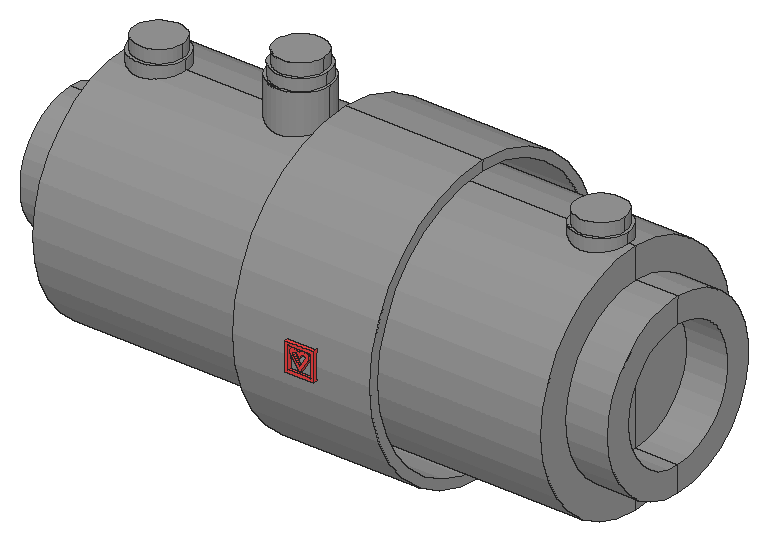
Revit family "Клапан предотвращения обратного потока 0307, наружная резьба х внутренняя резьба", category Rohrzubehör, Revit 2019
Family settings
  Bemaßung runder Anschluss = Durchmesser verwenden
  Teiletyp = Unterbricht
  OmniClass-Nummer = 23.65.55.14
  OmniClass-Titel = Valves for Liquid Services
  Arbeitsebenenbasiert = Nein
  Immer vertikal = Ja
  Beim Laden mit Abzugskörper schneiden = Nein
  Gemeinsam genutzt = Nein
Parameters (values of type "наружная резьба х внутренняя резьба DN40-DN40")
  Среда = "вода (не пар)"  # constant formula
  Примечание = "В соответствии со статьей 33 Регламента REACH (Registration; Evaluation; Authorisation; Restriction of Chemicals) (EC № 1907/2006) мы обязаны указать, что свинец внесен в список SVHC (Substances of Very High Concern - вещества очень высокой важности) и весовой процент свинца во всех латунных компонентах заводского изготовления в наших изделиях, превышает 0,1 % (w/w) (CAS: 7439-92-1 / EINECS: 231-100-4).\r\nПоскольку свинец является легирующим компонентом сплава, прямое негативное влияние исключается, и поэтому дополнительной информации о безопасном использовании не требуется."
  Область применения = "Клапан предотвращения обратного потока является экономически выгодным решением по дооснащению гидрантов арматурой, в соответствии с предписаниями DIN EN 1717, предотвращающей подсасывание непитьевой воды обратно в трубопровод питьевого водоснабжения.\r\nКлапан предотвращения обратного потока предназначается для установки в горизонтальном положении.\r\nДопускается также его вертикальное положение, но обязательно по направлению движения потока сверху вниз.\r\nКлапан не предусмотрен для установки на стояковых нагнетательных трубопроводах."
  Макс. рабочее давление = 1000000.0 Pa  # constant formula
  Макс. рабочая температура = 65 °C  # constant formula
  Корпус = "нержавеющая сталь"  # constant formula
  Исполнение = "Клапан предотвращения обратного потока ВА разработан согласно требованиям нормы DIN EN 1717.\r\nСогласно этой нормы качество воды, в зависимости от степени загрязнения, разделяется на 5 категорий.\r\nКлапан предотвращения обратного потока типа ВА обеспечивает защиту от непитьевой воды до 4 категории, - это самый высокий класс защиты, который может обеспечить арматура.\r\nБолее низкий уровень защиты, чем тот, что обеспечивается клапаном предотвращения обратного потока, не является стандартом и в случае аварии ответственность несёт потребитель такого гидранта.\r\nФункциональный узел представляет собой картридж с золотником больших размеров и защищающего от гидравлического удара спускного клапана.\r\nРезьбы соединения между собой взаимозаменяемы, при этом возможны 16 вариантов подключения (входная и выходная стороны могут быть с внутренней или наружной резьбой  1 1/2\" , как альтернатива,  с внутренней или наружной резьбой 2\")."
  URL = "www.herz-armaturen.ru"
  SCTWSEQ = "AW;SBT_TYP_AW=\"104\";2"
  SCTWCODE = "04;12;02"  # constant formula
  S03 = 15.000 mm  # constant formula
  S02 = 45.000 mm  # constant formula
  S01 = 98.000 mm  # constant formula
  Nennweite Ein [instance] = if(AG_IG_DN40_DN40, 40.000 mm, if(AG_IG_DN40_DN50, 40.000 mm, if(AG_IG_DN50_DN40, 50.000 mm, if(AG_IG_DN50_DN50, 50.000 mm, 0.000 mm))))  # 40.000 mm
  Nennweite Aus [instance] = if(AG_IG_DN40_DN40, 40.000 mm, if(AG_IG_DN40_DN50, 50.000 mm, if(AG_IG_DN50_DN40, 40.000 mm, if(AG_IG_DN50_DN50, 50.000 mm, 0.000 mm))))  # 40.000 mm
  Макс. допустимая рабочая температура (кратковременно) = 80 °C  # constant formula
  L07 = 24.500 mm  # constant formula
  L06 = 73.000 mm  # constant formula
  L05 = 28.000 mm  # constant formula
  L04 = 13.500 mm  # constant formula
  L03 = 87.500 mm  # constant formula
  L02 = 18.000 mm  # constant formula
  L01 = 193.000 mm  # constant formula
  Hersteller = "HERZ Armaturen Ges.m.b.H."  # constant formula
  Положение при монтаже = "горизонтально или вертикально, с направлением потока сверху вниз"  # constant formula
  D03 [instance] = if(AG_IG_DN40_DN40, 28.000 mm, if(AG_IG_DN40_DN50, 33.000 mm, if(AG_IG_DN50_DN40, 28.000 mm, if(AG_IG_DN50_DN50, 33.000 mm, 0.000 mm))))  # 28.000 mm
  D02 = 45.000 mm  # constant formula
  D01 = 37.500 mm  # constant formula
  Номер заказа [instance] = if(AG_IG_DN40_DN40, "I030704", if(AG_IG_DN40_DN50, "I030712", if(AG_IG_DN50_DN40, "I030716", if(AG_IG_DN50_DN50, "I030708", "0"))))  # "I030704"
  AG_IG_DN50_DN50 = no
  AG_IG_DN50_DN40 = no
  AG_IG_DN40_DN50 = no
  AG_IG_DN40_DN40 = yes
  IG Aus [instance] = Nennweite Aus / 2  # 20.000 mm
  AG Ein [instance] = Nennweite Ein / 2  # 20.000 mm
Types (5, lengths in mm): name | Nennweite Ein | Nennweite Aus | D03 | Номер заказа | AG_IG_DN50_DN50 | AG_IG_DN50_DN40 | AG_IG_DN40_DN50 | AG_IG_DN40_DN40 | IG Aus | AG Ein
  (no name) | 40.000 | 40.000 | 28.000 | "I030704" | no | no | no | yes | 20.000 | 20.000
  наружная резьба х внутренняя резьба DN40-DN50 | 40.000 | 50.000 | 33.000 | "I030712" | no | no | yes | no | 25.000 | 20.000
  наружная резьба х внутренняя резьба DN40-DN40 | 40.000 | 40.000 | 28.000 | "I030704" | no | no | no | yes | 20.000 | 20.000
  наружная резьба х внутренняя резьба DN50-DN50 | 50.000 | 50.000 | 33.000 | "I030708" | yes | no | no | no | 25.000 | 25.000
  наружная резьба х внутренняя резьба DN50-DN40 | 50.000 | 40.000 | 28.000 | "I030716" | no | yes | no | no | 20.000 | 25.000
Reference planes
  plane 1 "Mitte (Vorne/hinten)": y = 0
  plane 2: z = 0
  plane 3 "Mitte (Links/rechts)": x = 0
Forms (mm)
  Revolve 1, solid, material "Messing, weicher Gelbton, geschweißt", detail levels fine
    sketch origin (0, 0, 0) x (1, 0, 0) y (0, 0, 1)
      loop
        line (-96.5, 0) -> (83, 0) -> (83, 20) -> (96.5, 20) -> (96.5, 28) -> (83, 28) -> (83, 37.5) -> (-78.5, 37.5) -> (-78.5, 20) -> (-96.5, 20) -> (-96.5, 0)
      axis (-96.5, 0) -> (96.5, 0)
    angle from 0 to 360
  Revolve 2, solid, material "Acetalharz, Schwarz", detail levels fine
    sketch origin (0, 0, 0) x (1, 0, 0) y (0, 0, 1)
      loop
        line (-9, 0) -> (1.5, 0) -> (1.5, 42) -> (34.5, 42) -> (34.5, 45) -> (-9, 45) -> (-9, 0)
      axis (-9, 0) -> (34.5, 0)
    angle from 0 to 360
  Extrusion 3, solid, material "Messing, weicher Gelbton, geschweißt", detail levels fine
    sketch origin (0, 0, 0) x (1, 0, 0) y (0, 1, 0)
      loop
        circle (-68.5, 0) r 8.5
      loop
        circle (72, 0) r 8.5
    from 0 to 40.5
  Extrusion 4, solid, material "Acetalharz, Schwarz", detail levels fine
    sketch origin (0, 0, 0) x (1, 0, 0) y (0, 1, 0)
      loop
        circle (-68.5, 0) r 7.5
      loop
        circle (72, 0) r 7.5
    from 40.5 to 44.5
  Extrusion 5, solid, material "Messing, weicher Gelbton, geschweißt", detail levels fine
    sketch origin (0, 0, 0) x (1, 0, 0) y (0, 1, 0)
      loop
        circle (-23.5, 0) r 9.3
    from 0 to 49
  Extrusion 6, solid, material "Messing, weicher Gelbton, geschweißt", detail levels fine
    sketch origin (0, 0, 0) x (1, 0, 0) y (0, 1, 0)
      loop
        circle (-23.5, 0) r 8.5
    from 49 to 52.5
  Extrusion 7, solid, material "Acetalharz, Schwarz", visible <- "AG_IG_DN40_DN50", detail levels fine
    sketch origin (0, 0, 0) x (1, 0, 0) y (0, 1, 0)
      loop
        circle (-23.5, 0) r 7.5
    from 52.5 to 56.5
  Extrusion 8, solid, material "Acetalharz, Schwarz", visible <- "AG_IG_DN40_DN40", detail levels fine
    sketch origin (0, 0, 0) x (1, 0, 0) y (0, 1, 0)
      loop
        circle (-23.5, 0) r 7.5
    from 52.5 to 56.4
  Extrusion 9, solid, material "Acetalharz, Schwarz", visible <- "AG_IG_DN50_DN50", detail levels fine
    sketch origin (0, 0, 0) x (1, 0, 0) y (0, 1, 0)
      loop
        circle (-23.5, 0) r 7.5
    from 52.5 to 56.3
  Extrusion 10, solid, material "Acetalharz, Schwarz", visible <- "AG_IG_DN50_DN40", detail levels fine
    sketch origin (0, 0, 0) x (1, 0, 0) y (0, 1, 0)
      loop
        circle (-23.5, 0) r 7.5
    from 52.5 to 56.2
Lines and regions (mm)
  model lines, detail levels coarse+medium
    curve 1: line (-96.5, 0, 37.5) -> (96.5, 0, 37.5)
    curve 2: line (-96.5, 0, -37.5) -> (-96.5, 0, 37.5)
    curve 3: line (96.5, 0, -37.5) -> (-96.5, 0, -37.5)
    curve 4: line (96.5, 0, 37.5) -> (96.5, 0, -37.5)
    curve 5: line (-96.5, 0, -22.5) -> (-51.5, 0, -22.5)
    curve 6: line (-1.5, 0, -22.5) -> (96.5, 0, -22.5)
    curve 7: line (-96.5, 0, 22.5) -> (-51.5, 0, 22.5)
    curve 8: line (-1.5, 0, 22.5) -> (96.5, 0, 22.5)
    curve 9: line (-96.5, 37.5, 0) -> (96.5, 37.5, 0)
    curve 10: line (-96.5, -37.5, 0) -> (-96.5, 37.5, 0)
    curve 11: line (96.5, -37.5, 0) -> (-96.5, -37.5, 0)
    curve 12: line (96.5, 37.5, 0) -> (96.5, -37.5, 0)
    curve 13: line (-96.5, 22.5, 0) -> (-51.5, 22.5, 0)
    curve 14: line (-1.5, 22.5, 0) -> (96.5, 22.5, 0)
    curve 15: line (-96.5, -22.5, 0) -> (-51.5, -22.5, 0)
    curve 16: line (-1.5, -22.5, 0) -> (96.5, -22.5, 0)
Dimensions and locks
  "L04": Revolve 1 sketch curve to Revolve 1 sketch curve
  "L02": Revolve 1 sketch curve to Revolve 1 sketch curve
  "L01": Revolve 1 sketch curve to Revolve 1 sketch curve
  equal spacing: Revolve 1 sketch curve, plane 3 "Mitte (Links/rechts)", Revolve 1 sketch curve
  "AG Ein": Revolve 1 sketch curve to plane 2
  "D01": Revolve 1 sketch curve to plane 2
  "L03": Revolve 1 to Revolve 2 sketch curve
  equal spacing: curve 4, plane 3 "Mitte (Links/rechts)", curve 2
  "L01": curve 4 to curve 2
  "D01": curve 1 to plane 2 to curve 3
  "S03": curve 5 to curve 3
  "S03": curve 1 to curve 7
  "S03": curve 1 to curve 8
  "S03": curve 6 to curve 3
  "S02": curve 5 to curve 2
  "S02": curve 7 to curve 2
  "S01": curve 8 to curve 4
  "S01": curve 6 to curve 4
  equal spacing: curve 10, plane 3 "Mitte (Links/rechts)", curve 12
  "L01": curve 10 to curve 12
  "D01": curve 11 to plane 1 "Mitte (Vorne/hinten)" to curve 9
  "S03": curve 13 to curve 9
  "S03": curve 11 to curve 15
  "S03": curve 14 to curve 9
  "S03": curve 11 to curve 16
  "S01": curve 14 to curve 12
  "S01": curve 16 to curve 12
  "S02": curve 10 to curve 15
  "S02": curve 10 to curve 13
  "D02": Revolve 2 sketch curve to Revolve 2 sketch curve
  equal spacing: Revolve 2, nested 1, Revolve 2
  "D02": nested 1 to plane 1 "Mitte (Vorne/hinten)"
  "D03": Revolve 1 sketch curve to plane 2
  "IG Aus": Revolve 1 sketch curve to plane 2
  "L05": Revolve 1 to Extrusion 3 sketch curve
  "L05": Revolve 1 to Extrusion 4 sketch curve
  "L06": Revolve 1 to Extrusion 5 sketch curve
  "L06": Revolve 1 to Extrusion 6 sketch curve
  "L06": Revolve 1 to Extrusion 10 sketch curve
  "L06": Revolve 1 to Extrusion 9 sketch curve
  "L06": Revolve 1 to Extrusion 8 sketch curve
  "L06": Revolve 1 to Extrusion 7 sketch curve
  "L07": Extrusion 3 sketch curve to Revolve 1
  "L07": Extrusion 4 sketch curve to Revolve 1
  aligned and locked: level to plane 2
Automatic sketch dimensions
  Revolve 1 sketch curve to level = 0.000 mm  (x2)
  Revolve 1 sketch curve to Revolve 1 sketch curve = 0.000 mm
  Revolve 1 sketch curve to Revolve 1 sketch curve = 1408.530 mm
  Revolve 1 sketch curve to Revolve 1 sketch curve = 1741.148 mm
  Revolve 2 sketch curve to level = 0.000 mm  (x2)
  plane 3 "Mitte (Links/rechts)" to Revolve 2 sketch curve = 1.500 mm
  Revolve 2 sketch curve to Revolve 2 sketch curve = 33.000 mm
  Revolve 2 sketch curve to Revolve 2 sketch curve = 3.000 mm
  Revolve 2 sketch curve to Revolve 2 sketch curve = 1496.030 mm
  Revolve 2 sketch curve to Revolve 2 sketch curve = 1804.648 mm
  plane 1 "Mitte (Vorne/hinten)" to Extrusion 3 sketch curve = 0.000 mm  (x2)
  plane 1 "Mitte (Vorne/hinten)" to Extrusion 4 sketch curve = 0.000 mm  (x2)
  plane 1 "Mitte (Vorne/hinten)" to Extrusion 5 sketch curve = 0.000 mm
  plane 1 "Mitte (Vorne/hinten)" to Extrusion 6 sketch curve = 0.000 mm
  plane 1 "Mitte (Vorne/hinten)" to Extrusion 7 sketch curve = 0.000 mm
  plane 1 "Mitte (Vorne/hinten)" to Extrusion 8 sketch curve = 0.000 mm
  plane 1 "Mitte (Vorne/hinten)" to Extrusion 9 sketch curve = 0.000 mm
  plane 1 "Mitte (Vorne/hinten)" to Extrusion 10 sketch curve = 0.000 mm
  radius of Extrusion 3 sketch curve = 8.500 mm  (x2)
  radius of Extrusion 4 sketch curve = 7.500 mm  (x2)
  radius of Extrusion 5 sketch curve = 9.300 mm
  radius of Extrusion 6 sketch curve = 8.500 mm
  radius of Extrusion 7 sketch curve = 7.500 mm
  radius of Extrusion 8 sketch curve = 7.500 mm
  radius of Extrusion 9 sketch curve = 7.500 mm
  radius of Extrusion 10 sketch curve = 7.500 mm
Nested families
  nested 1: "Herz-Logo-vorne" at (12.75, -45, 0) x (0, 1, 0) z (0, 0, 1), type "Herz-Logo-vorne", detail levels fine
Connectors
  piping at (-96.5, 0, 0), diameter 40, driven by "Nennweite Ein"
    settings: on Revolve 1, index 2, connector inside diameter 609.6 mm, connector length 0.000 mm, flow factor 0, pipe flow 0.0 L/s, pressure drop 0.0 Pa, fitting loss kfactor 0, connector angle 0.00°, fixture units 0, engagement length 0.000 mm, angle of deflection 0.00°, flow configuration 0, flow direction 1, fitting loss method 0, system type 29, joint type 0, gender type 0, connector reference index -1, connector utility 0, adjustable connector no, is connector primary yes, connector description ""
  piping at (83, 0, 0), diameter 40, driven by "Nennweite Aus"
    settings: on Revolve 1, index 3, connector inside diameter 609.6 mm, connector length 0.000 mm, flow factor 0, pipe flow 0.0 L/s, pressure drop 0.0 Pa, fitting loss kfactor 0, connector angle 0.00°, fixture units 0, engagement length 0.000 mm, angle of deflection 0.00°, flow configuration 0, flow direction 2, fitting loss method 0, system type 29, joint type 0, gender type 0, connector reference index -1, connector utility 0, adjustable connector no, is connector primary no, connector description ""
Definition of nested family "Herz-Logo-vorne"
  Reference planes
    plane 1 "Mitte (Vorne/hinten)": y = 0
    plane 2: z = 0
    plane 3 "Mitte (Links/rechts)": x = 0
  Forms (mm)
    Extrusion 1, solid
      sketch origin (0.732, -0.018, 0.017) x (0, -1, 0) y (0, 0, 1)
        loop
          line (-0.018, -4.517) -> (4.482, -4.517) -> (4.482, 4.483) -> (-4.518, 4.483) -> (-4.518, -4.517) -> (-0.018, -4.517)
        loop
          line (-0.05, -3.48) -> (3.482, -3.48) -> (3.482, 3.483) -> (-3.518, 3.483) -> (-3.518, -3.48) -> (-0.05, -3.48)
        loop
          arc (-0.018, 2.383) -> (-1.543, 3.287) -> (-3.067, 2.383) r 1.738
          arc (-3.067, 2.383) -> (-3.191, 1.899) -> (-3.067, 1.415) r 1.009
          line (-3.067, 1.415) -> (-0.018, -3.281) -> (3.032, 1.415)
          arc (3.032, 1.415) -> (3.156, 1.899) -> (3.032, 2.383) r 1.009
          arc (3.032, 2.383) -> (1.507, 3.287) -> (-0.018, 2.383) r 1.738
        loop
          arc (1.885, 1.272) -> (2.005, 1.675) -> (1.885, 2.079) r 0.74
          arc (1.885, 2.079) -> (1.265, 2.416) -> (0.644, 2.079) r 0.74
          line (0.644, 2.079) -> (-0.018, 0.97) -> (-0.679, 2.079)
          arc (-0.679, 2.079) -> (-1.3, 2.416) -> (-1.921, 2.079) r 0.74
          arc (-1.921, 2.079) -> (-2.04, 1.675) -> (-1.921, 1.272) r 0.74
          line (-1.921, 1.272) -> (-0.018, -1.658) -> (1.885, 1.272)
      from 0 to 1.5
  Dimensions and locks
    aligned and locked: level to plane 2
